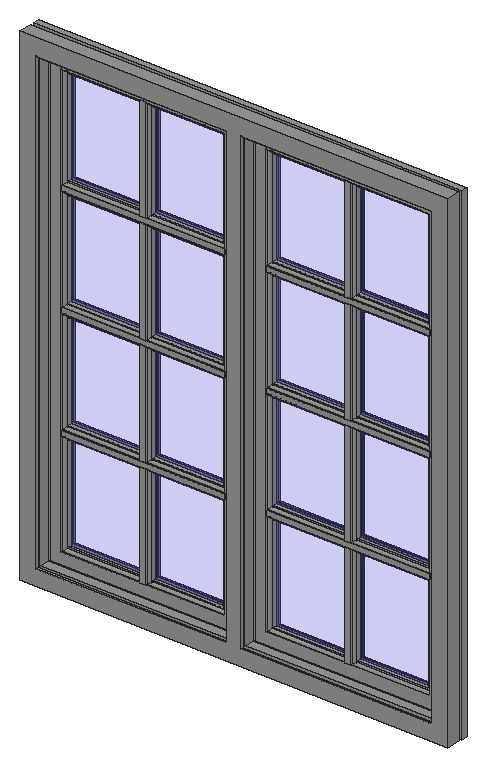
Revit family "MB22SP", category Windows, host Wall, Revit 2015
Parameters (values of type "MB22SP")
  Height = 1195 mm
  Default Lintel Height = 2100 mm
  Wall Closure = By host
  Width = 1040 mm
Reference planes
  plane 1 "Center (Front/Back)": y = 0
  plane 2 "Center (Left/Right)": x = 0
  plane 3 "Left": x = -520
  plane 4 "Right": x = 520
  plane 5 "Sill": z = 905
  plane 6 "Head": z = 2100
  plane 7 "Exterior": y = 100
  plane 8 "Interior": y = -100
  plane 9: y = -28.5
  plane 10: y = 23.5
  plane 11: z = 1502.5
Forms (mm)
  Sweep 1, solid, material "Lauan, Meranti"
    path origin (-10500, 23.5, 2100) x (0, 0, -1) y (-1, 0, 0)
      loop
        line (0, -11020) -> (1195, -11020) -> (1195, -9980) -> (0, -9980) -> (0, -11020)
    profile origin (0, 23.5, 2100) x (0, 0, 1) y (0, 1, 0)
      loop
        line (0, 5) -> (-29, 5) -> (-29, -20) -> (-37.5, -20) -> (-37.5, -26) -> (-40.5, -26) -> (-40.5, -20) -> (-44, -20) -> (-44, -46) -> (-39, -46) -> (-39, -52) -> (0, -52) -> (0, -18) -> (-10, -18) -> (-10, -10) -> (0, -10) -> (0, 5)
  Sweep 2, solid, material "Rubber"
    path origin (-10500, 23.5, 2100) x (0, 0, -1) y (-1, 0, 0)
      loop
        line (37.5, -10982.5) -> (1157.5, -10982.5) -> (1157.5, -10515.5) -> (37.5, -10515.5) -> (37.5, -10982.5)
    profile origin (249, 23.5, 2062.5) x (0, 0, 1) y (0, 1, 0)
      loop
        line (-1.5, -15) -> (-6.5, -17) -> (-6.5, -20) -> (-2.5, -20) -> (-2.5, -22.43) -> (-3.5, -22.43) -> (-2.5, -22.698) -> (-2.5, -24.464) -> (-3.5, -24.464) -> (-1.5, -25) -> (0.5, -24.464) -> (-0.5, -24.464) -> (-0.5, -22.698) -> (0.5, -22.43) -> (-0.5, -22.43) -> (-0.5, -20) -> (3.5, -20) -> (3.5, -17) -> (-1.5, -15)
  Sweep 3, solid, material "Rubber"
    path origin (-10500, 23.5, 2100) x (0, 0, -1) y (-1, 0, 0)
      loop
        line (37.5, -10484.5) -> (1157.5, -10484.5) -> (1157.5, -10017.5) -> (37.5, -10017.5) -> (37.5, -10484.5)
    profile origin (-249, 23.5, 2062.5) x (0, 0, 1) y (0, 1, 0)
      loop
        line (-0.5, -20) -> (3.5, -20) -> (3.5, -17) -> (-1.5, -15) -> (-6.5, -17) -> (-6.5, -20) -> (-2.5, -20) -> (-2.5, -22.43) -> (-3.5, -22.43) -> (-2.5, -22.698) -> (-2.5, -24.464) -> (-3.5, -24.464) -> (-1.5, -25) -> (0.5, -24.464) -> (-0.5, -24.464) -> (-0.5, -22.698) -> (0.5, -22.43) -> (-0.5, -22.43) -> (-0.5, -20)
  Sweep 4, solid, material "Lauan, Meranti"
    path origin (-10500, 23.5, 2100) x (0, 0, -1) y (-1, 0, 0)
      loop
        line (29, -10991) -> (1166, -10991) -> (1166, -10507) -> (29, -10507) -> (29, -10991)
    profile origin (249, 23.5, 2071) x (0, 0, 1) y (0, 1, 0)
      loop
        line (-1, 25) -> (-43, 25) -> (-43, 0) -> (-52, 0) -> (-52, -8) -> (-49, -8)
        arc (-49, -8) -> (-47.243, -12.243) -> (-43, -14) r 6
        line (-43, -14) -> (-43, -17) -> (-10, -17) -> (-10, -13) -> (-12, -13) -> (-12, -8) -> (-14, -7.464) -> (-14, -2.536) -> (-12, -2) -> (-12, 5) -> (5, 5) -> (5, 19)
        arc (5, 19) -> (3.242, 23.243) -> (-1, 25) r 6
  Sweep 5, solid, material "Lauan, Meranti"
    path origin (-10500, 23.5, 2100) x (0, 0, -1) y (-1, 0, 0)
      loop
        line (29, -10493) -> (1166, -10493) -> (1166, -10009) -> (29, -10009) -> (29, -10493)
    profile origin (-249, 23.5, 2071) x (0, 0, 1) y (0, 1, 0)
      loop
        line (-1, 25) -> (-43, 25) -> (-43, 0) -> (-52, 0) -> (-52, -8) -> (-49, -8)
        arc (-49, -8) -> (-47.243, -12.243) -> (-43, -14) r 6
        line (-43, -14) -> (-43, -17) -> (-10, -17) -> (-10, -13) -> (-12, -13) -> (-12, -8) -> (-14, -7.464) -> (-14, -2.536) -> (-12, -2) -> (-12, 5) -> (5, 5) -> (5, 19)
        arc (5, 19) -> (3.242, 23.243) -> (-1, 25) r 6
  Extrusion 6, solid, material "Lauan, Meranti"
    sketch origin (0, 0, -200) x (1, 0, 0) y (0, 1, 0)
      loop
        line (22, -22.5) -> (22, 3.5) -> (18.5, 3.5) -> (18.5, -2.5) -> (15.5, -2.5) -> (15.5, 3.5) -> (7, 3.5) -> (7, 28.5) -> (-7, 28.5) -> (-7, 3.5) -> (-15.5, 3.5) -> (-15.5, -2.5) -> (-18.5, -2.5) -> (-18.5, 3.5) -> (-22, 3.5) -> (-22, -22.5) -> (-17, -22.5) -> (-17, -28.5) -> (17, -28.5) -> (17, -22.5) -> (22, -22.5)
    from 1134 to 2271
  Extrusion 7, solid, material "Lauan, Meranti"
    sketch origin (248.676, 25, 184.161) x (1, 0, 0) y (0, 1, 0)
      loop
        line (-6.5, 23.5) -> (-6.5, -1.5) -> (-15.5, -1.5) -> (-15.5, -9.5) -> (-12.5, -9.5)
        arc (-12.5, -9.5) -> (-10.743, -13.743) -> (-6.5, -15.5) r 6
        line (-6.5, -15.5) -> (-6.5, -18.5) -> (6.5, -18.5) -> (6.5, -15.5)
        arc (6.5, -15.5) -> (10.743, -13.743) -> (12.5, -9.5) r 6
        line (12.5, -9.5) -> (15.5, -9.5) -> (15.5, -1.5) -> (6.5, -1.5) -> (6.5, 23.5) -> (-6.5, 23.5)
    from 1590.838 to 1843.838
  Extrusion 8, solid, material "Lauan, Meranti"
    sketch origin (-21.924, 0, -15.839) x (0, -1, 0) y (0, 0, 1)
      loop
        line (-48.5, 1777.838) -> (-23.5, 1777.838) -> (-23.5, 1768.838) -> (-15.5, 1768.838) -> (-15.5, 1771.838)
        arc (-15.5, 1771.838) -> (-11.257, 1773.596) -> (-9.5, 1777.838) r 6
        line (-9.5, 1777.838) -> (-6.5, 1777.838) -> (-6.5, 1790.838) -> (-9.5, 1790.838)
        arc (-9.5, 1790.838) -> (-11.257, 1795.081) -> (-15.5, 1796.838) r 6
        line (-15.5, 1796.838) -> (-15.5, 1799.838) -> (-23.5, 1799.838) -> (-23.5, 1790.838) -> (-48.5, 1790.838) -> (-48.5, 1777.838)
      loop
        line (-48.5, 1511.838) -> (-23.5, 1511.838) -> (-23.5, 1502.838) -> (-15.5, 1502.838) -> (-15.5, 1505.838)
        arc (-15.5, 1505.838) -> (-11.257, 1507.596) -> (-9.5, 1511.838) r 6
        line (-9.5, 1511.838) -> (-6.5, 1511.838) -> (-6.5, 1524.838) -> (-9.5, 1524.838)
        arc (-9.5, 1524.838) -> (-11.257, 1529.081) -> (-15.5, 1530.838) r 6
        line (-15.5, 1530.838) -> (-15.5, 1533.838) -> (-23.5, 1533.838) -> (-23.5, 1524.838) -> (-48.5, 1524.838) -> (-48.5, 1511.838)
      loop
        line (-48.5, 1245.838) -> (-23.5, 1245.838) -> (-23.5, 1236.838) -> (-15.5, 1236.838) -> (-15.5, 1239.838)
        arc (-15.5, 1239.838) -> (-11.257, 1241.596) -> (-9.5, 1245.838) r 6
        line (-9.5, 1245.838) -> (-6.5, 1245.838) -> (-6.5, 1258.838) -> (-9.5, 1258.838)
        arc (-9.5, 1258.838) -> (-11.257, 1263.081) -> (-15.5, 1264.838) r 6
        line (-15.5, 1264.838) -> (-15.5, 1267.838) -> (-23.5, 1267.838) -> (-23.5, 1258.838) -> (-48.5, 1258.838) -> (-48.5, 1245.838)
    from -469.924 to -71.925
  Extrusion 9, solid, material "Lauan, Meranti"
    sketch origin (248.676, 25, -15.264) x (1, 0, 0) y (0, 1, 0)
      loop
        line (-6.5, 23.5) -> (-6.5, -1.5) -> (-15.5, -1.5) -> (-15.5, -9.5) -> (-12.5, -9.5)
        arc (-12.5, -9.5) -> (-10.743, -13.743) -> (-6.5, -15.5) r 6
        line (-6.5, -15.5) -> (-6.5, -18.5) -> (6.5, -18.5) -> (6.5, -15.5)
        arc (6.5, -15.5) -> (10.743, -13.743) -> (12.5, -9.5) r 6
        line (12.5, -9.5) -> (15.5, -9.5) -> (15.5, -1.5) -> (6.5, -1.5) -> (6.5, 23.5) -> (-6.5, 23.5)
    from 1524.263 to 1777.263
  Extrusion 10, solid, material "Lauan, Meranti"
    sketch origin (248.676, 25, -214.688) x (1, 0, 0) y (0, 1, 0)
      loop
        line (-6.5, 23.5) -> (-6.5, -1.5) -> (-15.5, -1.5) -> (-15.5, -9.5) -> (-12.5, -9.5)
        arc (-12.5, -9.5) -> (-10.743, -13.743) -> (-6.5, -15.5) r 6
        line (-6.5, -15.5) -> (-6.5, -18.5) -> (6.5, -18.5) -> (6.5, -15.5)
        arc (6.5, -15.5) -> (10.743, -13.743) -> (12.5, -9.5) r 6
        line (12.5, -9.5) -> (15.5, -9.5) -> (15.5, -1.5) -> (6.5, -1.5) -> (6.5, 23.5) -> (-6.5, 23.5)
    from 1457.688 to 1710.688
  Extrusion 11, solid, material "Lauan, Meranti"
    sketch origin (248.676, 25, -414.113) x (1, 0, 0) y (0, 1, 0)
      loop
        line (-6.5, 23.5) -> (-6.5, -1.5) -> (-15.5, -1.5) -> (-15.5, -9.5) -> (-12.5, -9.5)
        arc (-12.5, -9.5) -> (-10.743, -13.743) -> (-6.5, -15.5) r 6
        line (-6.5, -15.5) -> (-6.5, -18.5) -> (6.5, -18.5) -> (6.5, -15.5)
        arc (6.5, -15.5) -> (10.743, -13.743) -> (12.5, -9.5) r 6
        line (12.5, -9.5) -> (15.5, -9.5) -> (15.5, -1.5) -> (6.5, -1.5) -> (6.5, 23.5) -> (-6.5, 23.5)
    from 1391.114 to 1644.113
  Extrusion 12, solid, material "Glass"
    sketch origin (-10251, 23.5, 2100) x (0, 0, -1) y (-1, 0, 0)
      loop
        line (72, -10699) -> (325, -10699) -> (325, -10506.176) -> (72, -10506.176) -> (72, -10699)
      loop
        line (72, -10493.176) -> (325, -10493.176) -> (325, -10301) -> (72, -10301) -> (72, -10493.176)
      loop
        line (338, -10699) -> (591, -10699) -> (591, -10506.176) -> (338, -10506.176) -> (338, -10699)
      loop
        line (338, -10493.176) -> (591, -10493.176) -> (591, -10301) -> (338, -10301) -> (338, -10493.176)
      loop
        line (604, -10699) -> (857, -10699) -> (857, -10506.176) -> (604, -10506.176) -> (604, -10699)
      loop
        line (604, -10493.176) -> (857, -10493.176) -> (857, -10301) -> (604, -10301) -> (604, -10493.176)
      loop
        line (870, -10699) -> (1123, -10699) -> (1123, -10506.176) -> (870, -10506.176) -> (870, -10699)
      loop
        line (870, -10493.176) -> (1122.989, -10493.176) -> (1122.989, -10301.014) -> (870, -10301.014) -> (870, -10493.176)
    from 0 to 6.4
  Sweep 13, solid, material "Lauan, Meranti"
    path origin (249, 100, 0) x (1, 0, 0) y (0, 0, 1)
      loop
        line (199, 2028) -> (6.176, 2028) -> (6.176, 1775) -> (199, 1775) -> (199, 2028)
    profile origin (351.588, 100, 2028) x (0, 0, -1) y (0, -1, 0)
      loop
        arc (0, 62.1) -> (4.67, 63.734) -> (7, 68.1) r 6.807
        line (7, 68.1) -> (9, 68.1) -> (9, 70.1) -> (0, 70.1) -> (0, 62.1)
  Sweep 14, solid, material "Lauan, Meranti"
    path origin (43.176, 100, 0) x (1, 0, 0) y (0, 0, 1)
      loop
        line (199, 2028) -> (6.824, 2028) -> (6.824, 1775) -> (199, 1775) -> (199, 2028)
    profile origin (146.088, 100, 2028) x (0, 0, -1) y (0, -1, 0)
      loop
        arc (0, 62.1) -> (4.67, 63.734) -> (7, 68.1) r 6.807
        line (7, 68.1) -> (9, 68.1) -> (9, 70.1) -> (0, 70.1) -> (0, 62.1)
  Sweep 15, solid, material "Lauan, Meranti"
    path origin (249, 100, -266) x (1, 0, 0) y (0, 0, 1)
      loop
        line (199, 2028) -> (6.176, 2028) -> (6.176, 1775) -> (199, 1775) -> (199, 2028)
    profile origin (351.588, 100, 1762) x (0, 0, -1) y (0, -1, 0)
      loop
        arc (0, 62.1) -> (4.67, 63.734) -> (7, 68.1) r 6.807
        line (7, 68.1) -> (9, 68.1) -> (9, 70.1) -> (0, 70.1) -> (0, 62.1)
  Sweep 16, solid, material "Lauan, Meranti"
    path origin (43.176, 100, -266) x (1, 0, 0) y (0, 0, 1)
      loop
        line (199, 2028) -> (6.824, 2028) -> (6.824, 1775) -> (199, 1775) -> (199, 2028)
    profile origin (146.088, 100, 1762) x (0, 0, -1) y (0, -1, 0)
      loop
        arc (0, 62.1) -> (4.67, 63.734) -> (7, 68.1) r 6.807
        line (7, 68.1) -> (9, 68.1) -> (9, 70.1) -> (0, 70.1) -> (0, 62.1)
  Sweep 17, solid, material "Lauan, Meranti"
    path origin (249, 100, -532) x (1, 0, 0) y (0, 0, 1)
      loop
        line (199, 2028) -> (6.176, 2028) -> (6.176, 1775) -> (199, 1775) -> (199, 2028)
    profile origin (351.588, 100, 1496) x (0, 0, -1) y (0, -1, 0)
      loop
        arc (0, 62.1) -> (4.67, 63.734) -> (7, 68.1) r 6.807
        line (7, 68.1) -> (9, 68.1) -> (9, 70.1) -> (0, 70.1) -> (0, 62.1)
  Sweep 18, solid, material "Lauan, Meranti"
    path origin (43.176, 100, -532) x (1, 0, 0) y (0, 0, 1)
      loop
        line (199, 2028) -> (6.824, 2028) -> (6.824, 1775) -> (199, 1775) -> (199, 2028)
    profile origin (146.088, 100, 1496) x (0, 0, -1) y (0, -1, 0)
      loop
        arc (0, 62.1) -> (4.67, 63.734) -> (7, 68.1) r 6.807
        line (7, 68.1) -> (9, 68.1) -> (9, 70.1) -> (0, 70.1) -> (0, 62.1)
  Sweep 19, solid, material "Lauan, Meranti"
    path origin (249, 100, -798) x (1, 0, 0) y (0, 0, 1)
      loop
        line (199, 2028) -> (6.176, 2028) -> (6.176, 1775) -> (199, 1775) -> (199, 2028)
    profile origin (351.588, 100, 1230) x (0, 0, -1) y (0, -1, 0)
      loop
        arc (0, 62.1) -> (4.67, 63.734) -> (7, 68.1) r 6.807
        line (7, 68.1) -> (9, 68.1) -> (9, 70.1) -> (0, 70.1) -> (0, 62.1)
  Sweep 20, solid, material "Lauan, Meranti"
    path origin (43.176, 100, -798) x (1, 0, 0) y (0, 0, 1)
      loop
        line (199, 2028) -> (6.824, 2028) -> (6.824, 1775) -> (199, 1775) -> (199, 2028)
    profile origin (146.088, 100, 1230) x (0, 0, -1) y (0, -1, 0)
      loop
        arc (0, 62.1) -> (4.67, 63.734) -> (7, 68.1) r 6.807
        line (7, 68.1) -> (9, 68.1) -> (9, 70.1) -> (0, 70.1) -> (0, 62.1)
  Extrusion 21, solid, material "Lauan, Meranti"
    sketch origin (-249.324, 25, 184.161) x (1, 0, 0) y (0, 1, 0)
      loop
        line (-6.5, 23.5) -> (-6.5, -1.5) -> (-15.5, -1.5) -> (-15.5, -9.5) -> (-12.5, -9.5)
        arc (-12.5, -9.5) -> (-10.743, -13.743) -> (-6.5, -15.5) r 6
        line (-6.5, -15.5) -> (-6.5, -18.5) -> (6.5, -18.5) -> (6.5, -15.5)
        arc (6.5, -15.5) -> (10.743, -13.743) -> (12.5, -9.5) r 6
        line (12.5, -9.5) -> (15.5, -9.5) -> (15.5, -1.5) -> (6.5, -1.5) -> (6.5, 23.5) -> (-6.5, 23.5)
    from 1590.838 to 1843.838
  Extrusion 22, solid, material "Lauan, Meranti"
    sketch origin (-519.924, 0, -15.839) x (0, -1, 0) y (0, 0, 1)
      loop
        line (-48.5, 1777.838) -> (-23.5, 1777.838) -> (-23.5, 1768.838) -> (-15.5, 1768.838) -> (-15.5, 1771.838)
        arc (-15.5, 1771.838) -> (-11.257, 1773.596) -> (-9.5, 1777.838) r 6
        line (-9.5, 1777.838) -> (-6.5, 1777.838) -> (-6.5, 1790.838) -> (-9.5, 1790.838)
        arc (-9.5, 1790.838) -> (-11.257, 1795.081) -> (-15.5, 1796.838) r 6
        line (-15.5, 1796.838) -> (-15.5, 1799.838) -> (-23.5, 1799.838) -> (-23.5, 1790.838) -> (-48.5, 1790.838) -> (-48.5, 1777.838)
      loop
        line (-48.5, 1511.838) -> (-23.5, 1511.838) -> (-23.5, 1502.838) -> (-15.5, 1502.838) -> (-15.5, 1505.838)
        arc (-15.5, 1505.838) -> (-11.257, 1507.596) -> (-9.5, 1511.838) r 6
        line (-9.5, 1511.838) -> (-6.5, 1511.838) -> (-6.5, 1524.838) -> (-9.5, 1524.838)
        arc (-9.5, 1524.838) -> (-11.257, 1529.081) -> (-15.5, 1530.838) r 6
        line (-15.5, 1530.838) -> (-15.5, 1533.838) -> (-23.5, 1533.838) -> (-23.5, 1524.838) -> (-48.5, 1524.838) -> (-48.5, 1511.838)
      loop
        line (-48.5, 1245.838) -> (-23.5, 1245.838) -> (-23.5, 1236.838) -> (-15.5, 1236.838) -> (-15.5, 1239.838)
        arc (-15.5, 1239.838) -> (-11.257, 1241.596) -> (-9.5, 1245.838) r 6
        line (-9.5, 1245.838) -> (-6.5, 1245.838) -> (-6.5, 1258.838) -> (-9.5, 1258.838)
        arc (-9.5, 1258.838) -> (-11.257, 1263.081) -> (-15.5, 1264.838) r 6
        line (-15.5, 1264.838) -> (-15.5, 1267.838) -> (-23.5, 1267.838) -> (-23.5, 1258.838) -> (-48.5, 1258.838) -> (-48.5, 1245.838)
    from -469.924 to -71.925
  Extrusion 23, solid, material "Lauan, Meranti"
    sketch origin (-249.324, 25, -15.264) x (1, 0, 0) y (0, 1, 0)
      loop
        line (-6.5, 23.5) -> (-6.5, -1.5) -> (-15.5, -1.5) -> (-15.5, -9.5) -> (-12.5, -9.5)
        arc (-12.5, -9.5) -> (-10.743, -13.743) -> (-6.5, -15.5) r 6
        line (-6.5, -15.5) -> (-6.5, -18.5) -> (6.5, -18.5) -> (6.5, -15.5)
        arc (6.5, -15.5) -> (10.743, -13.743) -> (12.5, -9.5) r 6
        line (12.5, -9.5) -> (15.5, -9.5) -> (15.5, -1.5) -> (6.5, -1.5) -> (6.5, 23.5) -> (-6.5, 23.5)
    from 1524.263 to 1777.263
  Extrusion 24, solid, material "Lauan, Meranti"
    sketch origin (-249.324, 25, -214.688) x (1, 0, 0) y (0, 1, 0)
      loop
        line (-6.5, 23.5) -> (-6.5, -1.5) -> (-15.5, -1.5) -> (-15.5, -9.5) -> (-12.5, -9.5)
        arc (-12.5, -9.5) -> (-10.743, -13.743) -> (-6.5, -15.5) r 6
        line (-6.5, -15.5) -> (-6.5, -18.5) -> (6.5, -18.5) -> (6.5, -15.5)
        arc (6.5, -15.5) -> (10.743, -13.743) -> (12.5, -9.5) r 6
        line (12.5, -9.5) -> (15.5, -9.5) -> (15.5, -1.5) -> (6.5, -1.5) -> (6.5, 23.5) -> (-6.5, 23.5)
    from 1457.688 to 1710.688
  Extrusion 25, solid, material "Lauan, Meranti"
    sketch origin (-249.324, 25, -414.113) x (1, 0, 0) y (0, 1, 0)
      loop
        line (-6.5, 23.5) -> (-6.5, -1.5) -> (-15.5, -1.5) -> (-15.5, -9.5) -> (-12.5, -9.5)
        arc (-12.5, -9.5) -> (-10.743, -13.743) -> (-6.5, -15.5) r 6
        line (-6.5, -15.5) -> (-6.5, -18.5) -> (6.5, -18.5) -> (6.5, -15.5)
        arc (6.5, -15.5) -> (10.743, -13.743) -> (12.5, -9.5) r 6
        line (12.5, -9.5) -> (15.5, -9.5) -> (15.5, -1.5) -> (6.5, -1.5) -> (6.5, 23.5) -> (-6.5, 23.5)
    from 1391.114 to 1644.113
  Extrusion 26, solid, material "Glass"
    sketch origin (-10749, 23.5, 2100) x (0, 0, -1) y (-1, 0, 0)
      loop
        line (72, -10699) -> (325, -10699) -> (325, -10506.176) -> (72, -10506.176) -> (72, -10699)
      loop
        line (72, -10493.176) -> (325, -10493.176) -> (325, -10301) -> (72, -10301) -> (72, -10493.176)
      loop
        line (338, -10699) -> (591, -10699) -> (591, -10506.176) -> (338, -10506.176) -> (338, -10699)
      loop
        line (338, -10493.176) -> (591, -10493.176) -> (591, -10301) -> (338, -10301) -> (338, -10493.176)
      loop
        line (604, -10699) -> (857, -10699) -> (857, -10506.176) -> (604, -10506.176) -> (604, -10699)
      loop
        line (604, -10493.176) -> (857, -10493.176) -> (857, -10301) -> (604, -10301) -> (604, -10493.176)
      loop
        line (870, -10699) -> (1123, -10699) -> (1123, -10506.176) -> (870, -10506.176) -> (870, -10699)
      loop
        line (870, -10493.176) -> (1122.989, -10493.176) -> (1122.989, -10301.014) -> (870, -10301.014) -> (870, -10493.176)
    from 0 to 6.4
  Sweep 27, solid, material "Lauan, Meranti"
    path origin (-249, 100, 0) x (1, 0, 0) y (0, 0, 1)
      loop
        line (199, 2028) -> (6.176, 2028) -> (6.176, 1775) -> (199, 1775) -> (199, 2028)
    profile origin (-146.412, 100, 2028) x (0, 0, -1) y (0, -1, 0)
      loop
        arc (0, 62.1) -> (4.67, 63.734) -> (7, 68.1) r 6.807
        line (7, 68.1) -> (9, 68.1) -> (9, 70.1) -> (0, 70.1) -> (0, 62.1)
  Sweep 28, solid, material "Lauan, Meranti"
    path origin (-454.824, 100, 0) x (1, 0, 0) y (0, 0, 1)
      loop
        line (199, 2028) -> (6.824, 2028) -> (6.824, 1775) -> (199, 1775) -> (199, 2028)
    profile origin (-351.912, 100, 2028) x (0, 0, -1) y (0, -1, 0)
      loop
        arc (0, 62.1) -> (4.67, 63.734) -> (7, 68.1) r 6.807
        line (7, 68.1) -> (9, 68.1) -> (9, 70.1) -> (0, 70.1) -> (0, 62.1)
  Sweep 29, solid, material "Lauan, Meranti"
    path origin (-249, 100, -266) x (1, 0, 0) y (0, 0, 1)
      loop
        line (199, 2028) -> (6.176, 2028) -> (6.176, 1775) -> (199, 1775) -> (199, 2028)
    profile origin (-146.412, 100, 1762) x (0, 0, -1) y (0, -1, 0)
      loop
        arc (0, 62.1) -> (4.67, 63.734) -> (7, 68.1) r 6.807
        line (7, 68.1) -> (9, 68.1) -> (9, 70.1) -> (0, 70.1) -> (0, 62.1)
  Sweep 30, solid, material "Lauan, Meranti"
    path origin (-454.824, 100, -266) x (1, 0, 0) y (0, 0, 1)
      loop
        line (199, 2028) -> (6.824, 2028) -> (6.824, 1775) -> (199, 1775) -> (199, 2028)
    profile origin (-351.912, 100, 1762) x (0, 0, -1) y (0, -1, 0)
      loop
        arc (0, 62.1) -> (4.67, 63.734) -> (7, 68.1) r 6.807
        line (7, 68.1) -> (9, 68.1) -> (9, 70.1) -> (0, 70.1) -> (0, 62.1)
  Sweep 31, solid, material "Lauan, Meranti"
    path origin (-249, 100, -532) x (1, 0, 0) y (0, 0, 1)
      loop
        line (199, 2028) -> (6.176, 2028) -> (6.176, 1775) -> (199, 1775) -> (199, 2028)
    profile origin (-146.412, 100, 1496) x (0, 0, -1) y (0, -1, 0)
      loop
        arc (0, 62.1) -> (4.67, 63.734) -> (7, 68.1) r 6.807
        line (7, 68.1) -> (9, 68.1) -> (9, 70.1) -> (0, 70.1) -> (0, 62.1)
  Sweep 32, solid, material "Lauan, Meranti"
    path origin (-454.824, 100, -532) x (1, 0, 0) y (0, 0, 1)
      loop
        line (199, 2028) -> (6.824, 2028) -> (6.824, 1775) -> (199, 1775) -> (199, 2028)
    profile origin (-351.912, 100, 1496) x (0, 0, -1) y (0, -1, 0)
      loop
        arc (0, 62.1) -> (4.67, 63.734) -> (7, 68.1) r 6.807
        line (7, 68.1) -> (9, 68.1) -> (9, 70.1) -> (0, 70.1) -> (0, 62.1)
  Sweep 33, solid, material "Lauan, Meranti"
    path origin (-249, 100, -798) x (1, 0, 0) y (0, 0, 1)
      loop
        line (199, 2028) -> (6.176, 2028) -> (6.176, 1775) -> (199, 1775) -> (199, 2028)
    profile origin (-146.412, 100, 1230) x (0, 0, -1) y (0, -1, 0)
      loop
        arc (0, 62.1) -> (4.67, 63.734) -> (7, 68.1) r 6.807
        line (7, 68.1) -> (9, 68.1) -> (9, 70.1) -> (0, 70.1) -> (0, 62.1)
  Sweep 34, solid, material "Lauan, Meranti"
    path origin (-454.824, 100, -798) x (1, 0, 0) y (0, 0, 1)
      loop
        line (199, 2028) -> (6.824, 2028) -> (6.824, 1775) -> (199, 1775) -> (199, 2028)
    profile origin (-351.912, 100, 1230) x (0, 0, -1) y (0, -1, 0)
      loop
        arc (0, 62.1) -> (4.67, 63.734) -> (7, 68.1) r 6.807
        line (7, 68.1) -> (9, 68.1) -> (9, 70.1) -> (0, 70.1) -> (0, 62.1)
Cuts and joins
  joined: Sweep 1, Extrusion 6
Lines and regions (mm)
  Opening 1
    outline origin (3500, -100, 0) x (1, 0, 0) y (0, 0, 1)
      loop
        line (-2980, 905) -> (-2980, 2100) -> (-4020, 2100) -> (-4020, 905) -> (-2980, 905)
  model lines
    curve 1: line (496, 48.5, 2076) -> (2, 48.5, 1502.5)
    curve 2: line (2, 48.5, 1502.5) -> (496, 48.5, 929)
    curve 3: line (-496, 48.5, 2076) -> (-2, 48.5, 1502.5)
    curve 4: line (-2, 48.5, 1502.5) -> (-496, 48.5, 929)
Text (mm)
  text "EXTERIOR" at (-1963.203, 1332.353, 0), in view "Ref. Level"
  text "INTERIOR" at (-1981.466, -818.386, 0), in view "Ref. Level"
  text "Exterior" at (0, 923.751, 2943.296), in view "Right"
  text "Exterior" at (0, 1040.484, 2685.409), in view "Left"
Dimensions and locks
  equal spacing: plane 3 "Left", plane 2 "Center (Left/Right)", plane 4 "Right"
  "Width": plane 3 "Left" to plane 4 "Right"
  "Height": plane 5 "Sill" to plane 6 "Head"
  "Default Lintel Height": plane 6 "Head" to level
  locked: plane 7 "Exterior" to host wall at 0
  locked: plane 8 "Interior" to host wall
  locked: plane 10 to plane 9 at 52
  equal spacing: plane 5 "Sill", plane 11, plane 6 "Head"
  aligned and locked: Sweep 1 sketch curve to host wall  (x4)
  aligned and locked: Sweep 2 sketch curve to Sweep 1  (x2)
  aligned and locked: Sweep 1 to Sweep 2 sketch curve
  aligned and locked: Sweep 1 to Sweep 3 sketch curve
  aligned and locked: Sweep 3 sketch curve to Sweep 1  (x2)
  aligned and locked: Sweep 4 sketch curve to Sweep 1  (x2)
  aligned and locked: Sweep 5 sketch curve to Sweep 1  (x2)
  aligned and locked: Extrusion 6 to Sweep 1  (x2)
  aligned and locked: Extrusion 11 to Extrusion 8
  aligned and locked: Extrusion 10 to Extrusion 8  (x2)
  aligned and locked: Extrusion 9 to Extrusion 8  (x2)
  aligned and locked: Extrusion 7 to Extrusion 8
  aligned and locked: Extrusion 12 sketch curve to Extrusion 7  (x4)
  aligned and locked: Extrusion 12 sketch curve to Extrusion 8  (x11)
  aligned and locked: Extrusion 12 sketch curve to Extrusion 9  (x4)
  aligned and locked: Extrusion 12 sketch curve to Extrusion 10  (x4)
  aligned and locked: Extrusion 12 sketch curve to Extrusion 11  (x3)
  aligned and locked: Extrusion 11 to Extrusion 12 sketch curve
  aligned and locked: Sweep 13 sketch curve to Extrusion 12
  aligned and locked: Sweep 13 sketch curve to Extrusion 7
  aligned and locked: Sweep 14 sketch curve to Extrusion 7
  aligned and locked: Sweep 14 sketch curve to Extrusion 8
  aligned and locked: Sweep 15 sketch curve to Extrusion 8  (x2)
  aligned and locked: Sweep 15 sketch curve to Extrusion 9
  aligned and locked: Sweep 16 sketch curve to Extrusion 8  (x2)
  aligned and locked: Sweep 16 sketch curve to Extrusion 9
  aligned and locked: Sweep 17 sketch curve to Extrusion 8  (x2)
  aligned and locked: Sweep 17 sketch curve to Extrusion 10
  aligned and locked: Sweep 18 sketch curve to Extrusion 8
  aligned and locked: Sweep 18 sketch curve to Extrusion 10
  aligned and locked: Sweep 19 sketch curve to Extrusion 8
  aligned and locked: Sweep 19 sketch curve to Extrusion 11
  aligned and locked: Sweep 20 sketch curve to Extrusion 8
  aligned and locked: Sweep 20 sketch curve to Extrusion 11
  aligned and locked: Extrusion 25 to Extrusion 22
  aligned and locked: Extrusion 24 to Extrusion 22  (x2)
  aligned and locked: Extrusion 23 to Extrusion 22  (x2)
  aligned and locked: Extrusion 21 to Extrusion 22
  aligned and locked: Extrusion 26 sketch curve to Extrusion 21  (x4)
  aligned and locked: Extrusion 26 sketch curve to Extrusion 22  (x11)
  aligned and locked: Extrusion 26 sketch curve to Extrusion 23  (x4)
  aligned and locked: Extrusion 26 sketch curve to Extrusion 24  (x4)
  aligned and locked: Extrusion 26 sketch curve to Extrusion 25  (x3)
  aligned and locked: Extrusion 25 to Extrusion 26 sketch curve
  aligned and locked: Sweep 27 sketch curve to Extrusion 26
  aligned and locked: Sweep 27 sketch curve to Extrusion 21
  aligned and locked: Sweep 28 sketch curve to Extrusion 21
  aligned and locked: Sweep 28 sketch curve to Extrusion 22
  aligned and locked: Sweep 29 sketch curve to Extrusion 22  (x2)
  aligned and locked: Sweep 29 sketch curve to Extrusion 23
  aligned and locked: Sweep 30 sketch curve to Extrusion 22  (x2)
  aligned and locked: Sweep 30 sketch curve to Extrusion 23
  aligned and locked: Sweep 31 sketch curve to Extrusion 22  (x2)
  aligned and locked: Sweep 31 sketch curve to Extrusion 24
  aligned and locked: Sweep 32 sketch curve to Extrusion 22
  aligned and locked: Sweep 32 sketch curve to Extrusion 24
  aligned and locked: Sweep 33 sketch curve to Extrusion 22
  aligned and locked: Sweep 33 sketch curve to Extrusion 25
  aligned and locked: Sweep 34 sketch curve to Extrusion 22
  aligned and locked: Sweep 34 sketch curve to Extrusion 25
  aligned and locked: Extrusion 8 to Sweep 4  (x2)
  aligned and locked: Extrusion 22 to Sweep 5  (x2)
Automatic sketch dimensions
  plane 3 "Left" to Opening 1 sketch curve = 0 mm
  plane 4 "Right" to Opening 1 sketch curve = 0 mm
  Opening 1 sketch curve to plane 5 "Sill" = 0 mm
  Opening 1 sketch curve to plane 6 "Head" = 0 mm
  curve 3 to plane 11 = 0 mm
  curve 2 to plane 11 = 0 mm
  plane 2 "Center (Left/Right)" to curve 3 = 2 mm
  curve 2 to plane 2 "Center (Left/Right)" = 2 mm
  curve 4 to plane 3 "Left" = 24 mm
  curve 3 to plane 3 "Left" = 24 mm
  plane 4 "Right" to curve 1 = 24 mm
  plane 4 "Right" to curve 2 = 24 mm
  curve 2 to plane 5 "Sill" = 24 mm
  curve 4 to plane 5 "Sill" = 24 mm
  plane 6 "Head" to curve 3 = 24 mm
  plane 6 "Head" to curve 1 = 24 mm
  profile plane to Sweep 1 sketch curve = 0 mm  (x2)
  profile plane to Sweep 1 sketch curve = 10 mm
  plane 10 to Sweep 1 sketch curve = 5 mm
  Sweep 1 sketch curve to Sweep 1 sketch curve = 19 mm
  Sweep 1 sketch curve to Sweep 1 sketch curve = 8.5 mm
  Sweep 1 sketch curve to Sweep 1 sketch curve = 1.5 mm
  Sweep 1 sketch curve to Sweep 1 sketch curve = 3 mm
  Sweep 1 sketch curve to Sweep 1 sketch curve = 5 mm
  Sweep 1 sketch curve to plane 10 = 10 mm
  Sweep 1 sketch curve to Sweep 1 sketch curve = 8 mm
  Sweep 1 sketch curve to plane 10 = 20 mm
  Sweep 1 sketch curve to Sweep 1 sketch curve = 0 mm
  Sweep 1 sketch curve to Sweep 1 sketch curve = 6 mm
  Sweep 1 sketch curve to Sweep 1 sketch curve = 20 mm
  Sweep 1 sketch curve to Sweep 1 sketch curve = 34 mm
  Sweep 2 sketch curve to plane 2 "Center (Left/Right)" = 15.5 mm
  profile plane to Sweep 2 sketch curve = 6.5 mm
  profile plane to Sweep 2 sketch curve = 3.5 mm
  Sweep 2 sketch curve to Sweep 2 sketch curve = 0 mm  (x3)
  Sweep 2 sketch curve to Sweep 2 sketch curve = 1 mm  (x2)
  profile plane to Sweep 2 sketch curve = 1.5 mm
  profile plane to Sweep 2 sketch curve = 0.5 mm  (x2)
  Sweep 2 sketch curve to profile plane = 0.5 mm  (x2)
  Sweep 2 sketch curve to profile plane = 3.5 mm
  Sweep 2 sketch curve to plane 10 = 25 mm
  Sweep 2 sketch curve to Sweep 2 sketch curve = 0.536 mm  (x2)
  Sweep 2 sketch curve to Sweep 2 sketch curve = 1.766 mm  (x2)
  Sweep 2 sketch curve to Sweep 2 sketch curve = 0.268 mm  (x2)
  Sweep 2 sketch curve to Sweep 2 sketch curve = 2.43 mm
  Sweep 2 sketch curve to Sweep 2 sketch curve = 3 mm  (x2)
  Sweep 2 sketch curve to Sweep 2 sketch curve = 5 mm
  plane 2 "Center (Left/Right)" to Sweep 3 sketch curve = 15.5 mm
  profile plane to Sweep 3 sketch curve = 6.5 mm
  profile plane to Sweep 3 sketch curve = 3.5 mm
  Sweep 3 sketch curve to Sweep 3 sketch curve = 0 mm  (x3)
  Sweep 3 sketch curve to Sweep 3 sketch curve = 1 mm  (x2)
  profile plane to Sweep 3 sketch curve = 2.5 mm
  profile plane to Sweep 3 sketch curve = 1.5 mm
  profile plane to Sweep 3 sketch curve = 0.5 mm
  Sweep 3 sketch curve to profile plane = 0.5 mm  (x2)
  Sweep 3 sketch curve to profile plane = 3.5 mm
  Sweep 3 sketch curve to plane 10 = 25 mm
  Sweep 3 sketch curve to Sweep 3 sketch curve = 0.536 mm  (x2)
  Sweep 3 sketch curve to Sweep 3 sketch curve = 1.766 mm  (x2)
  Sweep 3 sketch curve to Sweep 3 sketch curve = 0.268 mm  (x2)
  Sweep 3 sketch curve to Sweep 3 sketch curve = 2.43 mm
  Sweep 3 sketch curve to Sweep 3 sketch curve = 3 mm  (x2)
  Sweep 3 sketch curve to Sweep 3 sketch curve = 5 mm
  Sweep 4 sketch curve to plane 5 "Sill" = 29 mm
  Sweep 4 sketch curve to plane 2 "Center (Left/Right)" = 7 mm
  Sweep 4 sketch curve to plane 10 = 0 mm
  profile plane to Sweep 4 sketch curve = 52 mm
  Sweep 4 sketch curve to Sweep 4 sketch curve = 3 mm  (x2)
  Sweep 4 sketch curve to Sweep 4 sketch curve = 9 mm
  Sweep 4 sketch curve to Sweep 4 sketch curve = 6 mm
  profile plane to Sweep 4 sketch curve = 14 mm
  Sweep 4 sketch curve to Sweep 4 sketch curve = 2 mm  (x3)
  profile plane to Sweep 4 sketch curve = 1 mm
  Sweep 4 sketch curve to profile plane = 5 mm
  Sweep 4 sketch curve to plane 10 = 2 mm
  Sweep 4 sketch curve to Sweep 4 sketch curve = 0.536 mm  (x2)
  Sweep 4 sketch curve to Sweep 4 sketch curve = 4.928 mm
  Sweep 4 sketch curve to plane 10 = 8 mm
  Sweep 4 sketch curve to Sweep 4 sketch curve = 5 mm
  plane 10 to Sweep 4 sketch curve = 5 mm
  Sweep 4 sketch curve to Sweep 4 sketch curve = 14 mm
  plane 2 "Center (Left/Right)" to Sweep 5 sketch curve = 7 mm
  plane 6 "Head" to Sweep 5 sketch curve = 29 mm
  Sweep 5 sketch curve to plane 10 = 0 mm
  profile plane to Sweep 5 sketch curve = 52 mm
  Sweep 5 sketch curve to Sweep 5 sketch curve = 3 mm  (x2)
  Sweep 5 sketch curve to Sweep 5 sketch curve = 9 mm
  Sweep 5 sketch curve to Sweep 5 sketch curve = 6 mm
  profile plane to Sweep 5 sketch curve = 14 mm
  Sweep 5 sketch curve to Sweep 5 sketch curve = 2 mm  (x3)
  profile plane to Sweep 5 sketch curve = 1 mm
  Sweep 5 sketch curve to profile plane = 5 mm
  Sweep 5 sketch curve to plane 10 = 2 mm
  Sweep 5 sketch curve to Sweep 5 sketch curve = 0.536 mm  (x2)
  Sweep 5 sketch curve to Sweep 5 sketch curve = 4.928 mm
  Sweep 5 sketch curve to plane 10 = 8 mm
  Sweep 5 sketch curve to Sweep 5 sketch curve = 5 mm
  plane 10 to Sweep 5 sketch curve = 5 mm
  Sweep 5 sketch curve to Sweep 5 sketch curve = 14 mm
  Extrusion 6 sketch curve to plane 9 = 0 mm
  Extrusion 6 sketch curve to host wall = 3.5 mm  (x3)
  plane 2 "Center (Left/Right)" to Extrusion 6 sketch curve = 22 mm
  host wall to Extrusion 6 sketch curve = 2.5 mm  (x2)
  Extrusion 6 sketch curve to Extrusion 6 sketch curve = 3.5 mm  (x2)
  Extrusion 6 sketch curve to Extrusion 6 sketch curve = 5 mm
  Extrusion 6 sketch curve to Extrusion 6 sketch curve = 3 mm  (x2)
  plane 2 "Center (Left/Right)" to Extrusion 6 sketch curve = 7 mm
  Extrusion 6 sketch curve to plane 2 "Center (Left/Right)" = 7 mm
  Extrusion 6 sketch curve to Extrusion 6 sketch curve = 8.5 mm
  Extrusion 6 sketch curve to plane 2 "Center (Left/Right)" = 17 mm
  plane 9 to Extrusion 6 sketch curve = 6 mm  (x2)
  Extrusion 6 sketch curve to Extrusion 6 sketch curve = 0 mm
  plane 10 to Extrusion 6 sketch curve = 5 mm
  Extrusion 7 sketch curve to plane 10 = 0 mm  (x2)
  Extrusion 7 sketch curve to plane 10 = 8 mm
  Extrusion 7 sketch curve to plane 2 "Center (Left/Right)" = 233.176 mm
  Extrusion 7 sketch curve to Extrusion 7 sketch curve = 3 mm  (x3)
  Extrusion 7 sketch curve to Extrusion 7 sketch curve = 9 mm
  Extrusion 7 sketch curve to Extrusion 7 sketch curve = 6 mm  (x2)
  Extrusion 7 sketch curve to Extrusion 7 sketch curve = 13 mm  (x2)
  Extrusion 7 sketch curve to host wall = 9.5 mm
  plane 10 to Extrusion 7 sketch curve = 25 mm
  Extrusion 8 sketch curve to plane 10 = 0 mm  (x6)
  Extrusion 8 sketch curve to Extrusion 8 sketch curve = 25 mm  (x3)
  Extrusion 8 sketch curve to plane 11 = 6.5 mm
  Extrusion 8 sketch curve to plane 10 = 8 mm  (x6)
  Extrusion 8 sketch curve to Extrusion 8 sketch curve = 6 mm  (x7)
  Extrusion 8 sketch curve to Extrusion 8 sketch curve = 3 mm  (x9)
  Extrusion 8 sketch curve to Extrusion 8 sketch curve = 235 mm  (x2)
  Extrusion 8 sketch curve to Extrusion 8 sketch curve = 0 mm  (x2)
  Extrusion 8 sketch curve to Extrusion 8 sketch curve = 13 mm  (x4)
  plane 11 to Extrusion 8 sketch curve = 6.5 mm  (x2)
  Extrusion 9 sketch curve to plane 10 = 0 mm  (x2)
  Extrusion 9 sketch curve to plane 10 = 8 mm
  Extrusion 9 sketch curve to plane 2 "Center (Left/Right)" = 233.176 mm
  Extrusion 9 sketch curve to Extrusion 9 sketch curve = 3 mm  (x3)
  Extrusion 9 sketch curve to Extrusion 9 sketch curve = 9 mm
  Extrusion 9 sketch curve to Extrusion 9 sketch curve = 6 mm  (x2)
  Extrusion 9 sketch curve to Extrusion 9 sketch curve = 13 mm  (x2)
  Extrusion 9 sketch curve to host wall = 9.5 mm
  plane 10 to Extrusion 9 sketch curve = 25 mm
  Extrusion 10 sketch curve to plane 10 = 0 mm  (x2)
  Extrusion 10 sketch curve to plane 10 = 8 mm
  Extrusion 10 sketch curve to plane 2 "Center (Left/Right)" = 233.176 mm
  Extrusion 10 sketch curve to Extrusion 10 sketch curve = 3 mm  (x3)
  Extrusion 10 sketch curve to Extrusion 10 sketch curve = 9 mm
  Extrusion 10 sketch curve to Extrusion 10 sketch curve = 6 mm  (x2)
  Extrusion 10 sketch curve to Extrusion 10 sketch curve = 13 mm  (x2)
  Extrusion 10 sketch curve to host wall = 9.5 mm
  plane 10 to Extrusion 10 sketch curve = 25 mm
  Extrusion 11 sketch curve to plane 10 = 0 mm  (x2)
  Extrusion 11 sketch curve to plane 10 = 8 mm
  Extrusion 11 sketch curve to plane 2 "Center (Left/Right)" = 233.176 mm
  Extrusion 11 sketch curve to Extrusion 11 sketch curve = 3 mm  (x3)
  Extrusion 11 sketch curve to Extrusion 11 sketch curve = 9 mm
  Extrusion 11 sketch curve to Extrusion 11 sketch curve = 6 mm  (x2)
  Extrusion 11 sketch curve to Extrusion 11 sketch curve = 13 mm  (x2)
  Extrusion 11 sketch curve to host wall = 9.5 mm
  plane 10 to Extrusion 11 sketch curve = 25 mm
  Extrusion 12 sketch curve to Extrusion 12 sketch curve = 0 mm
  plane 11 to Extrusion 12 sketch curve = 6.5 mm
  Extrusion 12 sketch curve to plane 5 "Sill" = 72.011 mm
  plane 4 "Right" to Extrusion 12 sketch curve = 72 mm
  Extrusion 12 sketch curve to plane 2 "Center (Left/Right)" = 50.014 mm
  plane 4 "Right" to Sweep 13 sketch curve = 72 mm
  plane 6 "Head" to Sweep 13 sketch curve = 72 mm
  Sweep 13 sketch curve to profile plane = 0 mm
  Sweep 13 sketch curve to profile plane = 0.241 mm
  Sweep 13 sketch curve to Sweep 13 sketch curve = 6.759 mm
  Sweep 13 sketch curve to Sweep 13 sketch curve = 2 mm  (x2)
  profile plane to Sweep 13 sketch curve = 62.1 mm
  Sweep 13 sketch curve to Sweep 13 sketch curve = 6 mm
  Sweep 14 sketch curve to plane 2 "Center (Left/Right)" = 50 mm
  plane 6 "Head" to Sweep 14 sketch curve = 72 mm
  Sweep 14 sketch curve to profile plane = 0 mm
  Sweep 14 sketch curve to profile plane = 0.241 mm
  Sweep 14 sketch curve to Sweep 14 sketch curve = 6.759 mm
  Sweep 14 sketch curve to Sweep 14 sketch curve = 2 mm  (x2)
  profile plane to Sweep 14 sketch curve = 62.1 mm
  Sweep 14 sketch curve to Sweep 14 sketch curve = 6 mm
  plane 4 "Right" to Sweep 15 sketch curve = 72 mm
  Sweep 15 sketch curve to profile plane = 0 mm
  Sweep 15 sketch curve to profile plane = 0.241 mm
  Sweep 15 sketch curve to Sweep 15 sketch curve = 6.759 mm
  Sweep 15 sketch curve to Sweep 15 sketch curve = 2 mm  (x2)
  profile plane to Sweep 15 sketch curve = 62.1 mm
  Sweep 15 sketch curve to Sweep 15 sketch curve = 6 mm
  Sweep 16 sketch curve to plane 2 "Center (Left/Right)" = 50 mm
  Sweep 16 sketch curve to profile plane = 0 mm
  Sweep 16 sketch curve to profile plane = 0.241 mm
  Sweep 16 sketch curve to Sweep 16 sketch curve = 6.759 mm
  Sweep 16 sketch curve to Sweep 16 sketch curve = 2 mm  (x2)
  profile plane to Sweep 16 sketch curve = 62.1 mm
  Sweep 16 sketch curve to Sweep 16 sketch curve = 6 mm
  plane 4 "Right" to Sweep 17 sketch curve = 72 mm
  Sweep 17 sketch curve to profile plane = 0 mm
  Sweep 17 sketch curve to profile plane = 0.241 mm
  Sweep 17 sketch curve to Sweep 17 sketch curve = 6.759 mm
  Sweep 17 sketch curve to Sweep 17 sketch curve = 2 mm  (x2)
  profile plane to Sweep 17 sketch curve = 62.1 mm
  Sweep 17 sketch curve to Sweep 17 sketch curve = 6 mm
  Sweep 18 sketch curve to plane 2 "Center (Left/Right)" = 50 mm
  Sweep 18 sketch curve to Sweep 18 sketch curve = 253 mm
  Sweep 18 sketch curve to profile plane = 0 mm
  Sweep 18 sketch curve to profile plane = 0.241 mm
  Sweep 18 sketch curve to Sweep 18 sketch curve = 6.759 mm
  Sweep 18 sketch curve to Sweep 18 sketch curve = 2 mm  (x2)
  profile plane to Sweep 18 sketch curve = 62.1 mm
  Sweep 18 sketch curve to Sweep 18 sketch curve = 6 mm
  plane 4 "Right" to Sweep 19 sketch curve = 72 mm
  Sweep 19 sketch curve to plane 5 "Sill" = 72 mm
  Sweep 19 sketch curve to profile plane = 0 mm
  Sweep 19 sketch curve to profile plane = 0.241 mm
  Sweep 19 sketch curve to Sweep 19 sketch curve = 6.759 mm
  Sweep 19 sketch curve to Sweep 19 sketch curve = 2 mm  (x2)
  profile plane to Sweep 19 sketch curve = 62.1 mm
  Sweep 19 sketch curve to Sweep 19 sketch curve = 6 mm
  Sweep 20 sketch curve to plane 2 "Center (Left/Right)" = 50 mm
  Sweep 20 sketch curve to plane 5 "Sill" = 72 mm
  Sweep 20 sketch curve to profile plane = 0 mm
  Sweep 20 sketch curve to profile plane = 0.241 mm
  Sweep 20 sketch curve to Sweep 20 sketch curve = 6.759 mm
  Sweep 20 sketch curve to Sweep 20 sketch curve = 2 mm  (x2)
  profile plane to Sweep 20 sketch curve = 62.1 mm
  Sweep 20 sketch curve to Sweep 20 sketch curve = 6 mm
  Extrusion 21 sketch curve to plane 10 = 0 mm  (x2)
  Extrusion 21 sketch curve to plane 10 = 8 mm
  Extrusion 21 sketch curve to plane 3 "Left" = 255.176 mm
  Extrusion 21 sketch curve to Extrusion 21 sketch curve = 3 mm  (x3)
  Extrusion 21 sketch curve to Extrusion 21 sketch curve = 9 mm
  Extrusion 21 sketch curve to Extrusion 21 sketch curve = 6 mm  (x2)
  Extrusion 21 sketch curve to Extrusion 21 sketch curve = 13 mm  (x2)
  Extrusion 21 sketch curve to host wall = 9.5 mm
  plane 10 to Extrusion 21 sketch curve = 25 mm
  Extrusion 22 sketch curve to plane 10 = 0 mm  (x6)
  Extrusion 22 sketch curve to Extrusion 22 sketch curve = 25 mm  (x3)
  Extrusion 22 sketch curve to plane 11 = 6.5 mm
  Extrusion 22 sketch curve to plane 10 = 8 mm  (x6)
  Extrusion 22 sketch curve to Extrusion 22 sketch curve = 6 mm  (x7)
  Extrusion 22 sketch curve to Extrusion 22 sketch curve = 3 mm  (x9)
  Extrusion 22 sketch curve to Extrusion 22 sketch curve = 235 mm  (x2)
  Extrusion 22 sketch curve to Extrusion 22 sketch curve = 0 mm  (x2)
  Extrusion 22 sketch curve to Extrusion 22 sketch curve = 13 mm  (x4)
  plane 11 to Extrusion 22 sketch curve = 6.5 mm  (x2)
  Extrusion 23 sketch curve to plane 10 = 0 mm  (x2)
  Extrusion 23 sketch curve to plane 10 = 8 mm
  Extrusion 23 sketch curve to plane 3 "Left" = 255.176 mm
  Extrusion 23 sketch curve to Extrusion 23 sketch curve = 3 mm  (x3)
  Extrusion 23 sketch curve to Extrusion 23 sketch curve = 9 mm
  Extrusion 23 sketch curve to Extrusion 23 sketch curve = 6 mm  (x2)
  Extrusion 23 sketch curve to Extrusion 23 sketch curve = 13 mm  (x2)
  Extrusion 23 sketch curve to host wall = 9.5 mm
  plane 10 to Extrusion 23 sketch curve = 25 mm
  Extrusion 24 sketch curve to plane 10 = 0 mm  (x2)
  Extrusion 24 sketch curve to plane 10 = 8 mm
  Extrusion 24 sketch curve to plane 3 "Left" = 255.176 mm
  Extrusion 24 sketch curve to Extrusion 24 sketch curve = 3 mm  (x3)
  Extrusion 24 sketch curve to Extrusion 24 sketch curve = 9 mm
  Extrusion 24 sketch curve to Extrusion 24 sketch curve = 6 mm  (x2)
  Extrusion 24 sketch curve to Extrusion 24 sketch curve = 13 mm  (x2)
  Extrusion 24 sketch curve to host wall = 9.5 mm
  plane 10 to Extrusion 24 sketch curve = 25 mm
  Extrusion 25 sketch curve to plane 10 = 0 mm  (x2)
  Extrusion 25 sketch curve to plane 10 = 8 mm
  Extrusion 25 sketch curve to plane 3 "Left" = 255.176 mm
  Extrusion 25 sketch curve to Extrusion 25 sketch curve = 3 mm  (x3)
  Extrusion 25 sketch curve to Extrusion 25 sketch curve = 9 mm
  Extrusion 25 sketch curve to Extrusion 25 sketch curve = 6 mm  (x2)
  Extrusion 25 sketch curve to Extrusion 25 sketch curve = 13 mm  (x2)
  Extrusion 25 sketch curve to host wall = 9.5 mm
  plane 10 to Extrusion 25 sketch curve = 25 mm
  Extrusion 26 sketch curve to Extrusion 26 sketch curve = 0 mm
  plane 11 to Extrusion 26 sketch curve = 6.5 mm
  Extrusion 26 sketch curve to plane 5 "Sill" = 72.011 mm
  plane 2 "Center (Left/Right)" to Extrusion 26 sketch curve = 50 mm
  Extrusion 26 sketch curve to plane 3 "Left" = 72.014 mm
  plane 2 "Center (Left/Right)" to Sweep 27 sketch curve = 50 mm
  plane 6 "Head" to Sweep 27 sketch curve = 72 mm
  Sweep 27 sketch curve to profile plane = 0 mm
  Sweep 27 sketch curve to profile plane = 0.241 mm
  Sweep 27 sketch curve to Sweep 27 sketch curve = 6.759 mm
  Sweep 27 sketch curve to Sweep 27 sketch curve = 2 mm  (x2)
  profile plane to Sweep 27 sketch curve = 62.1 mm
  Sweep 27 sketch curve to Sweep 27 sketch curve = 6 mm
  Sweep 28 sketch curve to plane 3 "Left" = 72 mm
  plane 6 "Head" to Sweep 28 sketch curve = 72 mm
  Sweep 28 sketch curve to profile plane = 0 mm
  Sweep 28 sketch curve to profile plane = 0.241 mm
  Sweep 28 sketch curve to Sweep 28 sketch curve = 6.759 mm
  Sweep 28 sketch curve to Sweep 28 sketch curve = 2 mm  (x2)
  profile plane to Sweep 28 sketch curve = 62.1 mm
  Sweep 28 sketch curve to Sweep 28 sketch curve = 6 mm
  plane 2 "Center (Left/Right)" to Sweep 29 sketch curve = 50 mm
  Sweep 29 sketch curve to profile plane = 0 mm
  Sweep 29 sketch curve to profile plane = 0.241 mm
  Sweep 29 sketch curve to Sweep 29 sketch curve = 6.759 mm
  Sweep 29 sketch curve to Sweep 29 sketch curve = 2 mm  (x2)
  profile plane to Sweep 29 sketch curve = 62.1 mm
  Sweep 29 sketch curve to Sweep 29 sketch curve = 6 mm
  Sweep 30 sketch curve to plane 3 "Left" = 72 mm
  Sweep 30 sketch curve to profile plane = 0 mm
  Sweep 30 sketch curve to profile plane = 0.241 mm
  Sweep 30 sketch curve to Sweep 30 sketch curve = 6.759 mm
  Sweep 30 sketch curve to Sweep 30 sketch curve = 2 mm  (x2)
  profile plane to Sweep 30 sketch curve = 62.1 mm
  Sweep 30 sketch curve to Sweep 30 sketch curve = 6 mm
  plane 2 "Center (Left/Right)" to Sweep 31 sketch curve = 50 mm
  Sweep 31 sketch curve to profile plane = 0 mm
  Sweep 31 sketch curve to profile plane = 0.241 mm
  Sweep 31 sketch curve to Sweep 31 sketch curve = 6.759 mm
  Sweep 31 sketch curve to Sweep 31 sketch curve = 2 mm  (x2)
  profile plane to Sweep 31 sketch curve = 62.1 mm
  Sweep 31 sketch curve to Sweep 31 sketch curve = 6 mm
  Sweep 32 sketch curve to plane 3 "Left" = 72 mm
  Sweep 32 sketch curve to Sweep 32 sketch curve = 253 mm
  Sweep 32 sketch curve to profile plane = 0 mm
  Sweep 32 sketch curve to profile plane = 0.241 mm
  Sweep 32 sketch curve to Sweep 32 sketch curve = 6.759 mm
  Sweep 32 sketch curve to Sweep 32 sketch curve = 2 mm  (x2)
  profile plane to Sweep 32 sketch curve = 62.1 mm
  Sweep 32 sketch curve to Sweep 32 sketch curve = 6 mm
  plane 2 "Center (Left/Right)" to Sweep 33 sketch curve = 50 mm
  Sweep 33 sketch curve to plane 5 "Sill" = 72 mm
  Sweep 33 sketch curve to profile plane = 0 mm
  Sweep 33 sketch curve to profile plane = 0.241 mm
  Sweep 33 sketch curve to Sweep 33 sketch curve = 6.759 mm
  Sweep 33 sketch curve to Sweep 33 sketch curve = 2 mm  (x2)
  profile plane to Sweep 33 sketch curve = 62.1 mm
  Sweep 33 sketch curve to Sweep 33 sketch curve = 6 mm
  Sweep 34 sketch curve to plane 3 "Left" = 72 mm
  Sweep 34 sketch curve to plane 5 "Sill" = 72 mm
  Sweep 34 sketch curve to profile plane = 0 mm
  Sweep 34 sketch curve to profile plane = 0.241 mm
  Sweep 34 sketch curve to Sweep 34 sketch curve = 6.759 mm
  Sweep 34 sketch curve to Sweep 34 sketch curve = 2 mm  (x2)
  profile plane to Sweep 34 sketch curve = 62.1 mm
  Sweep 34 sketch curve to Sweep 34 sketch curve = 6 mm
